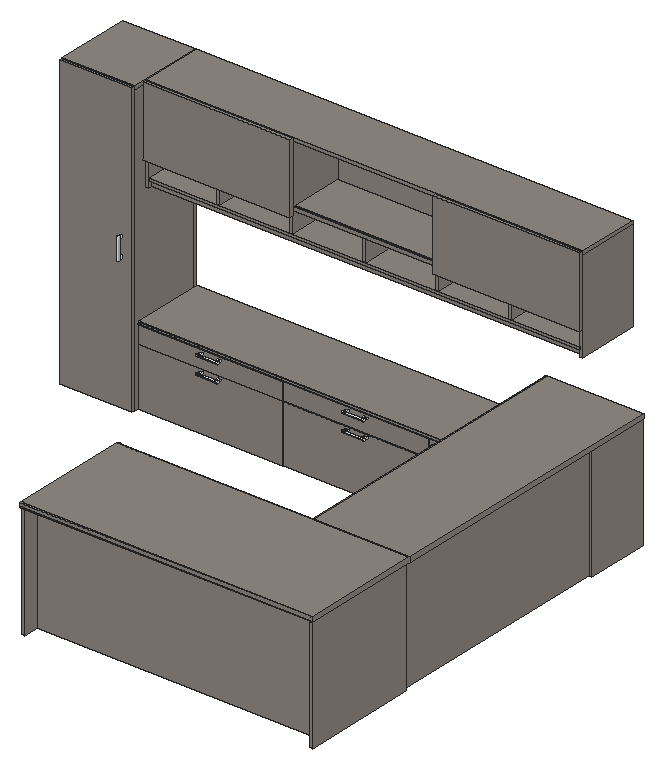
Revit family "JSI-Vision-Typical_Veneer-VSV019", category Furniture, Revit 2020 (continued)
Definition of nested family "JSI-Vision-Open_Shelf_Modular_Bench_Pedestal"
  Automatic sketch dimensions
    plane 5 to Extrusion 1 sketch curve = 0.18716"
    Extrusion 1 sketch curve to plane 6 = 0.18756"
    plane 11 to Extrusion 2 sketch curve = 0"
    plane 11 to Extrusion 3 sketch curve = 0"
    plane 18 to Extrusion 4 sketch curve = 7/8"
    plane 11 to Extrusion 4 sketch curve = 1"
    Extrusion 5 sketch curve to plane 19 = 0"
    plane 14 to Extrusion 5 sketch curve = 0.6409"
    Extrusion 2 sketch curve to plane 13 = 0"
    Extrusion 3 sketch curve to plane 13 = 0"
  Nested families (in)
    nested 1: "Label 1-16" at (9, -18, 0), type "DRWCFG"
  Definition of nested family "Label 1-16"
    Parameters
      Width = 1"
      Model Name = "FF"
    Reference planes (in)
      plane 1: y = 0
      plane 2: x = 0
    Text (in)
      label "XX" at (0.00051, -0.12324, 0), shows "Model Name"
Definition of nested family "JSI-Vision-Box_File_Modular_Bench_Pedestal"
  Parameters (values of type "Type Catalog")
    Width = 18"
    URL = "www.jsifurniture.com"
    Top = none
    Tag = "BF"
    Series = "Vision Casegoods"  # constant formula
    Pull Finish = none
    Model = "Type Catalog"
    Manufacturer = "JSI"  # constant formula
    Keynote = "12500"
    JSI Enviromental Website = "http://www.jsifurniture.com/jsi_sustainability_intro.php"
    Height = 18 3/4"
    Description = "Type Catalog"
    Depth = 18"
    Default Elevation = 0"
    Chassis = none
    Drawer Front = none
    Assembly Code = "E2020200"
  Reference planes (in)
    plane 1 "Center Front/Back": y = 0
    plane 2: z = 0
    plane 3 "Center Left/Right": x = 0
    plane 4: x = 18
    plane 5: y = -17.12
    plane 6: y = -17.25
    plane 7: x = 0.0625
    plane 8: x = 17.9375
    plane 9: y = -18
    plane 10: z = 0.14
    plane 11: z = 14.3909
    plane 12: z = 14.5159
    plane 13: x = 0.75
    plane 14: x = 17.25
    plane 15: y = -0.75
    plane 16: y = -16.37913
    plane 17: x = 9
    plane 18: z = 18.75
    plane 19: z = 18.6409
    plane 20: z = 18
  Forms (in)
    Extrusion 1, solid, material <- "Chassis"
      sketch origin (0.125, -0.1875, 48) x (0, 1, 0) y (0, 0, 1)
        loop
          line (-0.5625, -29.25) -> (-16.9325, -29.25) -> (-16.9325, -48) -> (-0.5625, -48) -> (-0.5625, -29.25)
      from -0.125 to 0.625
    Extrusion 2, solid, material <- "Chassis"
      sketch origin (29.875, -0.1875, 48) x (0, 1, 0) y (0, 0, 1)
        loop
          line (-0.5625, -29.25) -> (-16.9325, -29.25) -> (-16.9325, -48) -> (-0.5625, -48) -> (-0.5625, -29.25)
      from -12.625 to -11.875
    Extrusion 3, solid, material <- "Drawer Front"
      sketch origin (0, 0, 0) x (1, 0, 0) y (0, 0, 1)
        loop
          line (0.0625, 18.6409) -> (0.0625, 14.5159) -> (17.9375, 14.5159) -> (17.9375, 18.6409) -> (0.0625, 18.6409)
        loop
          line (0.0625, 14.3909) -> (0.0625, 0.14) -> (17.9375, 0.14) -> (17.9375, 14.3909) -> (0.0625, 14.3909)
      from 17.25 to 18
    Extrusion 4, solid, material <- "Chassis"
      sketch origin (0, 0, 0) x (1, 0, 0) y (0, 1, 0)
        loop
          line (0.75, -16.37913) -> (0.75, -17.12) -> (17.25, -17.12) -> (17.25, -16.37913) -> (0.75, -16.37913)
      from 0 to 1.9375
    Extrusion 5, solid, material <- "Top"
      sketch origin (0, 0, 0) x (0, 1, 0) y (0, 0, 1)
        loop
          line (-1.5, 18.75) -> (-17.12, 18.75) -> (-17.12, 18) -> (-1.5, 18) -> (-1.5, 18.75)
      from 0.75 to 17.25
    Extrusion 6, solid, material <- "Chassis"
      sketch origin (0, 0, 0) x (0, 1, 0) y (0, 0, 1)
        loop
          line (-1.5, 13.75) -> (-0.75, 13.75) -> (-0.75, 18.75) -> (-1.5, 18.75) -> (-1.5, 13.75)
        loop
          line (-1.5, 0) -> (-0.75, 0) -> (-0.75, 5) -> (-1.5, 5) -> (-1.5, 0)
      from 0.75 to 17.25
  Lines and regions (in)
    symbolic lines
      curve 1: line (0, 0, 0) -> (18, 0, 0)
      curve 2: line (0, -17.12, 0) -> (0, 0, 0)
      curve 3: line (18, -17.12, 0) -> (0, -17.12, 0)
      curve 4: line (18, 0, 0) -> (18, -17.12, 0)
      curve 5: line (0.0625, -17.25, 0) -> (17.9375, -17.25, 0)
      curve 6: line (0.0625, -18, 0) -> (0.0625, -17.25, 0)
      curve 7: line (17.9375, -18, 0) -> (0.0625, -18, 0)
      curve 8: line (17.9375, -17.25, 0) -> (17.9375, -18, 0)
  Dimensions and locks (in)
    plane 16 to plane 5 to plane 6 to plane 9 = 0.74087" locked, 0.13" locked, 3/4" locked
    "Depth": plane 1 "Center Front/Back" to plane 9
    locked: plane 19 to plane 18 at 0.1091
    "Width": plane 3 "Center Left/Right" to plane 4
    equal spacing: plane 3 "Center Left/Right", plane 17, plane 4
    plane 1 "Center Front/Back" to plane 15 = 3/4"
    "Height": plane 18 to level
    locked: plane 18 to plane 20 at 0.75
    locked: plane 12 to plane 11 at 0.125
    plane 19 to plane 12 to plane 10 to plane 2 = 4 1/8" locked, 14.3759" locked, 0.14" locked
    plane 3 "Center Left/Right" to plane 7 to plane 13 = 1/16" locked, 11/16" locked
    plane 14 to plane 8 to plane 4 = 11/16" locked, 1/16" locked
    locked: Extrusion 6 sketch curve to plane 2 at 5
    locked: Extrusion 6 sketch curve to plane 18 at 5
    locked: plane 15 to Extrusion 6 sketch curve at 0.75
    locked: Extrusion 3 to nested 2 at 0.75
    locked: Extrusion 3 to nested 1 at 0.75
    aligned and locked: level to plane 2
    aligned and locked: plane 15 to Extrusion 1 sketch curve
    aligned and locked: Extrusion 1 sketch curve to plane 5
    aligned and locked: Extrusion 1 sketch curve to level
    aligned and locked: plane 13 to Extrusion 1
    aligned and locked: Extrusion 2 sketch curve to plane 15
    aligned and locked: level to Extrusion 2 sketch curve
    aligned and locked: plane 5 to Extrusion 2 sketch curve
    aligned and locked: Extrusion 3 sketch curve to plane 7  (x2)
    aligned and locked: plane 8 to Extrusion 3 sketch curve  (x2)
    aligned and locked: plane 12 to Extrusion 3 sketch curve
    aligned and locked: Extrusion 3 sketch curve to plane 11
    aligned and locked: plane 10 to Extrusion 3 sketch curve
    aligned and locked: Extrusion 3 to plane 9
    aligned and locked: plane 6 to Extrusion 3
    aligned and locked: Extrusion 4 sketch curve to plane 16
    aligned and locked: plane 13 to Extrusion 4 sketch curve
    aligned and locked: nested 1 to plane 9
    aligned and locked: nested 2 to plane 9
    aligned and locked: nested 2 to plane 17
    aligned and locked: nested 1 to plane 17
    aligned and locked: plane 17 to nested 3
    aligned and locked: nested 3 to plane 9
    aligned and locked: plane 18 to Extrusion 2
    aligned and locked: plane 18 to Extrusion 1
    aligned and locked: plane 19 to Extrusion 3 sketch curve
    aligned and locked: Extrusion 1 to plane 3 "Center Left/Right"
    aligned and locked: plane 3 "Center Left/Right" to curve 2
    aligned and locked: plane 1 "Center Front/Back" to curve 1
    aligned and locked: plane 4 to Extrusion 2
    aligned and locked: curve 4 to plane 4
    aligned and locked: Extrusion 5 sketch curve to plane 18
    aligned and locked: Extrusion 2 to plane 14
    aligned and locked: Extrusion 5 to plane 5
    aligned and locked: plane 14 to Extrusion 5
    aligned and locked: Extrusion 6 sketch curve to Extrusion 6 sketch curve  (x2)
    aligned and locked: plane 15 to Extrusion 6 sketch curve
    aligned and locked: plane 18 to Extrusion 6 sketch curve
    aligned and locked: Extrusion 6 sketch curve to plane 2
    aligned and locked: Extrusion 6 to Extrusion 5 sketch curve
    aligned and locked: Extrusion 6 to plane 13
    aligned and locked: plane 14 to Extrusion 6
  Automatic sketch dimensions
    Extrusion 4 sketch curve to plane 5 = 0"
    Extrusion 4 sketch curve to plane 14 = 0"
    curve 6 to plane 6 = 0"
    curve 6 to plane 7 = 0"
    curve 5 to plane 8 = 0"
    curve 6 to plane 9 = 0"
    curve 2 to plane 5 = 0"
    Extrusion 1 sketch curve to plane 18 = 0"
    Extrusion 2 sketch curve to plane 18 = 0"
    Extrusion 5 sketch curve to Extrusion 5 sketch curve = 3/4"
    plane 9 to Extrusion 5 sketch curve = 0.88"
  Nested families (in)
    nested 1: "Bar Pull" at (9, -18, 13.6409), Pull Finish <- "Pull Finish", type "PL"
      with Pull Finish none
    nested 2: "Bar Pull" at (9, -18, 17.8909), Pull Finish <- "Pull Finish", type "PL"
      with Pull Finish none
    nested 3: "Label 1-16" at (9, -18, 0), type "DRWCFG"
  Definition of nested family "Bar Pull"
    Parameters
      Pull Finish [instance] = none
      Default Elevation = 0"
    Reference planes (in)
      plane 1 "Center Front/Back": y = 0
      plane 2: z = 0
      plane 3 "Center Left/Right": x = 0
      plane 4: x = -2.68731
      plane 5: x = -1.88731
      plane 6: x = 2.68731
      plane 7: x = 1.88731
      plane 8: y = -1
      plane 9: y = -0.85202
    Forms (in)
      Extrusion 1, solid, material <- "Pull Finish"
        sketch origin (0, 0, 0) x (0, 1, 0) y (0, 0, 1)
          loop
            line (0, -0.2015) -> (0, 0.2015) -> (-0.85202, 0.2015)
            arc (-0.85202, 0.2015) -> (-0.75, 0) -> (-0.85202, -0.2015) r 0.25
            line (-0.85202, -0.2015) -> (0, -0.2015)
        from 1.88731 to 2.68731
      Extrusion 2, solid, material <- "Pull Finish"
        sketch origin (0, 0, 0) x (0, 1, 0) y (0, 0, 1)
          loop
            circle (-1, 0) r 0.25
        from -2.68731 to 2.68731
      Extrusion 3, solid, material <- "Pull Finish"
        sketch origin (0, 0, 0) x (0, 1, 0) y (0, 0, -1)
          loop
            line (0, 0.2015) -> (-0.85202, 0.2015)
            arc (-0.85202, 0.2015) -> (-0.75, 0) -> (-0.85202, -0.2015) r 0.25
            line (-0.85202, -0.2015) -> (0, -0.2015) -> (0, 0.2015)
        from 1.88731 to 2.68731
    Dimensions and locks (in)
      plane 4 to plane 5 to plane 3 "Center Left/Right" to plane 7 to plane 6 = 0.8" locked, 1.88731" locked, 1.88731" locked, 0.8" locked
      plane 8 to plane 9 to plane 1 "Center Front/Back" = 0.14798" locked, 0.85202" locked
      aligned and locked: level to plane 2
      aligned and locked: plane 4 to Extrusion 3
      aligned and locked: Extrusion 3 to plane 5
      aligned and locked: plane 4 to Extrusion 2
      aligned and locked: Extrusion 1 to plane 7
      aligned and locked: plane 6 to Extrusion 1
      aligned and locked: plane 6 to Extrusion 2
      aligned and locked: plane 8 to Extrusion 2 sketch curve
      aligned and locked: Extrusion 3 to plane 1 "Center Front/Back"
      aligned and locked: Extrusion 1 to plane 1 "Center Front/Back"
      aligned and locked: plane 5 to Extrusion 3
      aligned and locked: Extrusion 3 to plane 4
      aligned and locked: Extrusion 2 to plane 4
      aligned and locked: plane 7 to Extrusion 1
      aligned and locked: Extrusion 1 to plane 6
      aligned and locked: Extrusion 2 to plane 6
  Definition of nested family "Label 1-16"
    Parameters
      Width = 1"
      Model Name = "FF"
    Reference planes (in)
      plane 1: y = 0
      plane 2: x = 0
    Text (in)
      label "XX" at (0.00051, -0.12324, 0), shows "Model Name"
Definition of nested family "JSI-Vision-Bench_Height-Shell_Return"
  Parameters (values of type "Type Catalog")
    Worksurface = none
    Width = 66"
    URL = "www.jsifurniture.com"
    Type Comments = ""
    Series = "Vision Casegoods"  # constant formula
    Ped Height = Height - 1 3/16"  # 28"
    Modesty Position = if(ELY, (1 1/16"), Width - 13 3/8")  # 1 1/16"
    Model = "Type Catalog"
    Material = ""
    Manufacturer = "JSI"  # constant formula
    Modesty Width = (Width + 1 1/16") - 13 3/8"  # 53 11/16"
    Lat Panel Pstn = if(ELY, Width - 7/8", Width - Width + 1/8")  # 65 1/8"
    Keynote = "12500"  # constant formula
    JSI Enviromental Website = "http://www.jsifurniture.com/jsi_sustainability_intro.php"
    Insertion Point = if(ELY, 0", Width)  # 0"
    Height = 29 3/16"
    Grommet Position = 13 9/16"
    Grommet Finish = none
    ELY = yes
    Description = "Type Catalog"
    Depth = 24"
    Default Elevation = 0"
    Chassis = none
    Bk Panel Pstn = if(ELY, Width - 15 3/4", Width - Width + 1/8")  # 50 1/4"
    Assembly Code = "E2020200"
  Reference planes (in)
    plane 1 "Center Front/Back": y = 0
    plane 2: z = 0
    plane 3 "Center Left/Right": x = 0
    plane 4: x = 0
    plane 5: y = -24
    plane 6: x = -66
    plane 7: z = 29.1875
    plane 8: z = 28
    plane 9: y = -0.87499
    plane 10: y = -1.625
    plane 11: y = -2.93087
    plane 12: x = -25.78125
    plane 13: x = -65.875
    plane 14: x = -65.125
    plane 15: x = -50.25
    plane 16: y = -0.125
    plane 17: x = -52.625
    plane 18: x = 1.0625
    plane 19: x = -65.87492
    plane 20: y = -3.875
  Forms (in)
    Extrusion 1, solid, material <- "Worksurface"
      sketch origin (0, 0, 0) x (1, 0, 0) y (0, 1, 0)
        loop
          line (-66, 0) -> (-66, -23.87) -> (0, -23.87) -> (0, 0) -> (-66, 0)
      from 28 to 29.1875
    Extrusion 2, solid, material <- "Chassis"
      sketch origin (-54.93742, 0, 0) x (1, 0, 0) y (0, 0, 1)
        loop
          line (2.31242, 28) -> (2.31242, 0) -> (55.99992, 0) -> (55.99992, 28) -> (28.47723, 28) -> (2.31242, 28)
      from 0.87499 to 1.625
    Extrusion 3, solid, material <- "Chassis"
      sketch origin (-117.25008, -2.005, 28.8125) x (0, 0, -1) y (0, -1, 0)
        loop
          line (0.8125, -1.13002) -> (28.8125, -1.13002) -> (28.8125, 21.8075) -> (0.8125, 21.8075) -> (0.8125, -0.69975) -> (0.8125, -1.13002)
      from -52.12508 to -51.37508
    Extrusion 4, solid, material <- "Chassis"
      sketch origin (0, 0, 0) x (1, 0, 0) y (0, 1, 0)
        loop
          line (-65.87492, -0.125) -> (-65.87492, -0.87499) -> (-50.25, -0.87499) -> (-50.25, -0.125) -> (-65.87492, -0.125)
      from 0 to 28
    Extrusion 5, solid, material <- "Worksurface"
      sketch origin (0, 0, 0) x (0, 1, 0) y (0, 0, 1)
        loop
          arc (-23.87, 29.1875) -> (-23.96192, 29.14942) -> (-24, 29.0575) r 0.13
          line (-24, 29.0575) -> (-24, 28.13)
          arc (-24, 28.13) -> (-23.96192, 28.03807) -> (-23.87, 28) r 0.13
          line (-23.87, 28) -> (-23.87, 29.1875)
      from -66 to 0
  Lines and regions (in)
    symbolic lines
      curve 1: line (-52.625, -1.625, 0) -> (1.0625, -1.625, 0)
      curve 2: line (-52.625, -0.87499, 0) -> (-52.625, -1.625, 0)
      curve 3: line (1.0625, -0.87499, 0) -> (-52.625, -0.87499, 0)
      curve 4: line (1.0625, -1.625, 0) -> (1.0625, -0.87499, 0)
      curve 5: line (-65.87492, -0.125, 0) -> (-50.25, -0.125, 0)
      curve 6: line (-65.87492, -0.87499, 0) -> (-65.87492, -0.125, 0)
      curve 7: line (-50.25, -0.125, 0) -> (-50.25, -0.87499, 0)
      curve 8: line (-65.875, -23.8125, 0) -> (-65.875, -0.87499, 0)
      curve 9: line (-65.125, -23.8125, 0) -> (-65.875, -23.8125, 0)
      curve 10: line (-65.125, -0.87499, 0) -> (-65.125, -23.8125, 0)
      curve 11: line (-66, -24, 0) -> (0, -24, 0)
      curve 12: line (-66, 0, 0) -> (-66, -24, 0)
      curve 13: line (0, 0, 0) -> (-66, 0, 0)
      curve 14: line (0, -24, 0) -> (0, 0, 0)
      curve 15: line (-50.25, -0.87499, 0) -> (-65.87492, -0.87499, 0)
  Dimensions and locks (in)
    "Insertion Point": plane 4 to plane 3 "Center Left/Right"
    "Depth": plane 5 to plane 1 "Center Front/Back"
    "Width": plane 6 to plane 4
    locked: plane 7 to plane 8 at 1.1875
    "Height": plane 7 to level
    locked: plane 13 to plane 14 at 0.75
    "Modesty Position": plane 3 "Center Left/Right" to plane 18
    "Modesty Width": plane 17 to plane 18
    locked: Extrusion 3 sketch curve to plane 5 at 0.1875
    "Lat Panel Pstn": plane 14 to plane 4
    locked: plane 19 to plane 15 at 15.62492
    "Bk Panel Pstn": plane 15 to plane 4
    locked: plane 1 "Center Front/Back" to plane 20 at 3.875
    equal spacing: plane 17, plane 12, plane 18
    aligned and locked: level to plane 2
    aligned and locked: Extrusion 1 sketch curve to plane 1 "Center Front/Back"
    aligned and locked: plane 6 to Extrusion 1 sketch curve
    aligned and locked: Extrusion 1 sketch curve to plane 4
    aligned and locked: plane 8 to Extrusion 2 sketch curve  (x2)
    aligned and locked: Extrusion 2 sketch curve to level
    aligned and locked: plane 13 to Extrusion 3
    aligned and locked: plane 8 to Extrusion 3  (x2)
    aligned and locked: plane 14 to Extrusion 3
    aligned and locked: plane 9 to Extrusion 3 sketch curve
    aligned and locked: plane 17 to Extrusion 2
    aligned and locked: plane 9 to Extrusion 2
    aligned and locked: Extrusion 2 to plane 10
    aligned and locked: Extrusion 2 to plane 18
    aligned and locked: plane 9 to Extrusion 4 sketch curve
    aligned and locked: Extrusion 4 sketch curve to plane 19
    aligned and locked: Extrusion 4 sketch curve to plane 16
    aligned and locked: plane 15 to Extrusion 4 sketch curve
    aligned and locked: plane 8 to Extrusion 4
    aligned and locked: Extrusion 2 to curve 3
    aligned and locked: curve 2 to Extrusion 2
    aligned and locked: curve 1 to Extrusion 2
    aligned and locked: curve 4 to Extrusion 2
    aligned and locked: curve 5 to Extrusion 4
    aligned and locked: curve 6 to Extrusion 4
    aligned and locked: curve 7 to Extrusion 4
    aligned and locked: curve 9 to Extrusion 3
    aligned and locked: curve 10 to Extrusion 3
    aligned and locked: curve 8 to Extrusion 3
    aligned and locked: plane 4 to Extrusion 5
    aligned and locked: Extrusion 5 to plane 6
    aligned and locked: curve 12 to plane 6
    aligned and locked: plane 4 to curve 14
    aligned and locked: curve 13 to plane 1 "Center Front/Back"
    aligned and locked: curve 11 to plane 5
    aligned and locked: Extrusion 1 to plane 8
    aligned and locked: plane 7 to Extrusion 1
  Automatic sketch dimensions
    Extrusion 3 sketch curve to level = 0"
    Extrusion 3 sketch curve to plane 8 = 0"
    Extrusion 2 sketch curve to plane 15 = 51 5/16"
    plane 17 to Extrusion 2 sketch curve = 0"
    plane 5 to Extrusion 1 sketch curve = 0.13"
    Extrusion 5 sketch curve to plane 5 = 0"
    Extrusion 5 sketch curve to plane 8 = 0"
    Extrusion 5 sketch curve to plane 7 = 0"
    plane 5 to Extrusion 5 sketch curve = 0.13"
    curve 8 to plane 9 = 0"
    curve 6 to plane 9 = 0"
    plane 10 to Extrusion 3 sketch curve = 0.31975"
    Extrusion 2 sketch curve to plane 12 = 0.67894"
Definition of nested family "JSI-Vision-Wall_Mount_Overhead_Cabinets-Sliding_Door_with_Cubbies"
  Parameters (values of type "Type Catalog")
    Verticall Partition Distance = if(Width > 48", ((Door Width * 2) + 3/16"), ((Width / 2) - 3/16"))  # 26 13/16"
    Unit Centre = Width / 2  # 27"
    Top = none
    Width = 54"
    URL = "www.jsifurniture.com"
    Type Comments = ""
    Tag = "1 Door - 1 Open"
    Sliding Door Width = if(Width > 48", (Verticall Partition Distance + 3/8"), ((Width / 2) + 3/16"))  # 27 3/16"
    Series = "VISION CASEGOODS"  # constant formula
    Right Vertical Partition = yes
    Right Sliding Door = no
    Overhead Height = 7 1/2"
    Overall Height [instance] = 72"
    Model = "Type Catalog"
    Material = ""
    Manufacturer = "JSI"  # constant formula
    Left Vertical Partition = no
    Keynote = "12500"
    JSI Enviromental Website = "http://www.jsifurniture.com/jsi_sustainability_intro.php"
    Height = 24"
    Door Width Actual = if(# of Doors > 4, (((Width - 1")) / # of Doors), if(# of Doors > 3, (((Width - 1") / # of Doors) + 1/16"), if(# of Doors > 2, (((Width - 1 1/8" + 1/8") / # of Doors) + 1/8"), (((Width - 1 1/8" + 1/8") / # of Doors) + 1/4"))))  # 13 5/16"
    Door Array Spacing = Door Width + 1/8"  # 13 7/16"
    Door Width = Door Width Actual  # 13 5/16"
    Door Front = none
    Door Align Spacing = 1/16"
    Description = "Type Catalog"
    Depth = 16"
    Default Elevation = 0"
    Chassis = none
    Bottom Partition Array Start Distance = if(# of Doors > 4, (((Width - 1") / # of Doors) + 1/16"), if(# of Doors > 3, (((Width - 1") / # of Doors) + 1/8"), Verticall Partition Distance))  # 13 3/8"
    Bottom Partition Array Space = Bottom Partition Array Start Distance - 3/8"  # 13"
    Bottom Partition Array Distance = if(# of Doors > 2, (Verticall Partition Distance - Bottom Partition Array Start Distance), 0")  # 13 7/16"
    Assembly Code = "E2020200"
    # of bottom Partition = if(# of Doors > 2, (# of Doors - 1), # of Doors)  # 3
    # of Doors = if(Width > 89", 6, (if(Width > 53", 4, (if(Width > 41", 3, (if(Width > 30", 2, 2)))))))  # 4
  Reference planes (in)
    plane 1 "Center Front/Back": y = 0
    plane 2: z = 0
    plane 3 "Center Left/Right": x = 0
    plane 4: z = 0
    plane 5: y = -0.125
    plane 6: x = 54
    plane 7: x = 0.125
    plane 8: x = 53.875
    plane 9: y = -15.5625
    plane 10: y = -16
    plane 11: z = 72
    plane 12: z = 71.5
    plane 13: x = 0.875
    plane 14: x = 53.125
    plane 15: y = -0.875
    plane 16: y = -0.9375
    plane 17: y = -1.6875
    plane 18: z = 71.25
    plane 19: z = 56
    plane 20: z = 56.75
    plane 21: z = 48.5
    plane 22: y = -14.8125
    plane 23: y = -14.0625
    plane 24: x = 0.1875
    plane 25: x = 53.8125
    plane 26: z = 71.9375
    plane 27: z = 54.6875
    plane 28: y = -15.6875
    plane 29: y = -16.4375
    plane 30: x = 27
    plane 31: x = 27
    plane 32: x = 27
    plane 33: x = 26.625
    plane 34: x = 27.375
    plane 35: x = 26.625
    plane 36: x = 27.375
    plane 37: z = 50
    plane 38: z = 50.75
    plane 39: x = 26.625
    plane 40: x = 27.375
    plane 41: x = 0.5
    plane 42: x = 53.5
    plane 43: x = 13.5625
    plane 44: x = 13.1875
    plane 45: x = 13.9375
    plane 46: z = 48.5
    plane 47: z = 72.5
    plane 48: z = 66.0625
    plane 49: z = 68.25
    plane 50: z = 69.0625
    plane 51: x = 1.5
    plane 52: x = 52.5
  Forms (in)
    Extrusion 1, solid, material <- "Chassis"
      sketch origin (0, 0, 0) x (1, 0, 0) y (0, 1, 0)
        loop
          line (0.125, -0.125) -> (0.125, -15.5625) -> (0.875, -15.5625) -> (0.875, -0.125) -> (0.125, -0.125)
      from 48.5 to 71.25
    Extrusion 2, solid, material <- "Chassis"
      sketch origin (0, 0, 0) x (1, 0, 0) y (0, 1, 0)
        loop
          line (53.875, -0.125) -> (53.125, -0.125) -> (53.125, -15.5625) -> (53.875, -15.5625) -> (53.875, -0.125)
      from 48.5 to 71.25
    Extrusion 3, solid, material <- "Top"
      sketch origin (0, 0, 0) x (1, 0, 0) y (0, 0, 1)
        loop
          line (0.125, 72) -> (0.125, 71.25) -> (53.875, 71.25) -> (53.875, 72) -> (0.125, 72)
      from 0.125 to 15.5625
    Extrusion 4, solid, material <- "Chassis"
      sketch origin (0, 0, 0) x (1, 0, 0) y (0, 1, 0)
        loop
          line (0.875, -14.0625) -> (0.875, -14.8125) -> (53.125, -14.8125) -> (53.125, -14.0625) -> (0.875, -14.0625)
      from 48.5 to 50
    Extrusion 5, solid, material <- "Chassis", visible <- "Left Vertical Partition"
      sketch origin (0, 0, 0) x (1, 0, 0) y (0, 1, 0)
        loop
          line (26.625, -1.6875) -> (26.625, -15.5625) -> (27.375, -15.5625) -> (27.375, -1.6875) -> (26.625, -1.6875)
      from 56.75 to 71.25
    Extrusion 6, solid, material <- "Chassis", visible <- "Right Vertical Partition"
      sketch origin (0, 0, 0) x (1, 0, 0) y (0, 1, 0)
        loop
          line (26.625, -1.6875) -> (26.625, -15.5625) -> (27.375, -15.5625) -> (27.375, -1.6875) -> (26.625, -1.6875)
      from 56.75 to 71.25
    Extrusion 7, solid, material <- "Chassis"
      sketch origin (130.61992, -0.9375, 48) x (1, 0, 0) y (0, 0, 1)
        loop
          line (-129.74492, 23.25) -> (-129.74492, 0.5) -> (-77.49492, 0.5) -> (-77.49492, 23.25) -> (-129.74492, 23.25)
      from 0 to 0.75
    Extrusion 8, solid, material <- "Chassis"
      sketch origin (130.61992, -0.9375, 48) x (1, 0, 0) y (0, 0, 1)
        loop
          line (-129.74492, 2) -> (-77.49492, 2) -> (-77.49492, 2.75) -> (-129.74492, 2.75) -> (-129.74492, 2)
      from 0.75 to 14.625
    Extrusion 9, solid, material <- "Chassis"
      sketch origin (-4.52083, 0, 29.5) x (1, 0, 0) y (0, 1, 0)
        loop
          line (17.70833, -1.6875) -> (17.70833, -15.5625) -> (18.45833, -15.5625) -> (18.45833, -1.6875) -> (17.70833, -1.6875)
      from 21.25 to 26.5
    Extrusion 10, solid, material <- "Chassis"
      sketch origin (8.91667, 0, 29.5) x (1, 0, 0) y (0, 1, 0)
        loop
          line (17.70833, -1.6875) -> (17.70833, -15.5625) -> (18.45833, -15.5625) -> (18.45833, -1.6875) -> (17.70833, -1.6875)
      from 21.25 to 26.5
    Extrusion 11, solid, material <- "Door Front"
      sketch origin (0, 0, 0) x (1, 0, 0) y (0, 1, 0)
        loop
          line (0.1875, -15.6875) -> (0.1875, -16.4375) -> (27.375, -16.4375) -> (27.375, -15.6875) -> (0.1875, -15.6875)
      from 54.6875 to 71.9375
    Extrusion 12, solid, material <- "Door Front", visible <- "Right Sliding Door"
      sketch origin (0, 0, 0) x (1, 0, 0) y (0, 1, 0)
        loop
          line (53.8125, -15.6875) -> (26.625, -15.6875) -> (26.625, -16.4375) -> (53.8125, -16.4375) -> (53.8125, -15.6875)
      from 54.6875 to 71.9375
    Extrusion 13, solid, material <- "Chassis"
      sketch origin (0.875, 60, 48) x (0, 1, 0) y (0, 0, 1)
        loop
          line (-61.6875, 8.75) -> (-74.90625, 8.75) -> (-74.90625, 8.375) -> (-75.15625, 8.375) -> (-75.15625, 8.75) -> (-75.5625, 8.75) -> (-75.5625, 8) -> (-61.6875, 8) -> (-61.6875, 8.75)
      from 0 to 52.25
    Extrusion 14, solid, material <- "Chassis"
      sketch origin (1.5, 60, 48) x (0, 1, 0) y (0, 0, 1)
        loop
          line (-60.125, 23.25) -> (-60.9375, 23.25) -> (-60.9375, 21.0625) -> (-60.125, 20.25) -> (-60.125, 23.25)
      from -0.625 to 51.625
    Extrusion 15, solid, material <- "Chassis"
      sketch origin (1.5, 60, 48) x (0, 1, 0) y (0, 0, 1)
        loop
          line (-60.9375, 21.0625) -> (-60.9375, 18.0625) -> (-60.125, 18.0625) -> (-60.125, 20.25) -> (-60.9375, 21.0625)
      from 0 to 51
    Extrusion 16, solid, material <- "Chassis"
      sketch origin (22.35417, 0, 29.5) x (1, 0, 0) y (0, 1, 0)
        loop
          line (17.70833, -1.6875) -> (17.70833, -15.5625) -> (18.45833, -15.5625) -> (18.45833, -1.6875) -> (17.70833, -1.6875)
      from 21.25 to 26.5
  Lines and regions (in)
    symbolic lines
      curve 1: line (53.875, -0.125, 0) -> (0.125, -0.125, 0)
      curve 2: line (0.125, -0.125, 0) -> (0.125, -15.5625, 0)
      curve 3: line (0.125, -15.5625, 0) -> (53.875, -15.5625, 0)
      curve 4: line (53.875, -15.5625, 0) -> (53.875, -0.125, 0)
      curve 5: line (27.375, -15.6875, 0) -> (0.1875, -15.6875, 0)
      curve 6: line (0.1875, -15.6875, 0) -> (0.1875, -16.4375, 0)
      curve 7: line (0.1875, -16.4375, 0) -> (27.375, -16.4375, 0)
      curve 8: line (27.375, -16.4375, 0) -> (27.375, -15.6875, 0)
    symbolic lines, visible <- "Right Sliding Door"
      curve 9: line (26.625, -15.6875, 48.5) -> (53.8125, -15.6875, 48.5)
      curve 10: line (26.625, -16.4375, 48.5) -> (26.625, -15.6875, 48.5)
      curve 11: line (53.8125, -16.4375, 48.5) -> (26.625, -16.4375, 48.5)
      curve 12: line (53.8125, -15.6875, 48.5) -> (53.8125, -16.4375, 48.5)
  Dimensions and locks (in)
    locked: plane 3 "Center Left/Right" to plane 7 at 0.125
    locked: plane 8 to plane 6 at 0.125
    locked: plane 5 to plane 1 "Center Front/Back" at 0.125
    plane 10 to plane 9 to plane 22 to plane 23 = 7/16" locked, 3/4" locked, 3/4" locked
    "Width": plane 3 "Center Left/Right" to plane 6
    "Depth": plane 10 to plane 1 "Center Front/Back"
    plane 47 to plane 11 to plane 12 = 1/2" locked, 1/2" locked
    locked: plane 7 to plane 13 at 0.75
    locked: plane 14 to plane 8 at 0.75
    locked: plane 15 to plane 5 at 0.75
    plane 17 to plane 16 to plane 5 = 3/4" locked, 13/16" locked
    locked: plane 11 to plane 18 at 0.75
    locked: plane 20 to plane 19 at 0.75
    locked: plane 11 to plane 26 at 0.0625
    locked: plane 19 to plane 27 at 1.3125
    plane 29 to plane 28 to plane 9 = 3/4" locked, 1/8" locked
    "Verticall Partition Distance": plane 24 to plane 31
    plane 33 to plane 31 to plane 34 = 3/8" locked, 3/8" locked
    plane 35 to plane 32 to plane 36 = 3/8" locked, 3/8" locked
    "Verticall Partition Distance": plane 32 to plane 25
    "Unit Centre": plane 3 "Center Left/Right" to plane 30
    "Door Align Spacing": plane 7 to plane 24
    "Door Align Spacing": plane 25 to plane 8
    locked: plane 19 to plane 37 at 6
    plane 38 to plane 37 to plane 21 = 3/4" locked, 1 1/2" locked
    locked: plane 41 to plane 13 at 0.375
    locked: plane 14 to plane 42 at 0.375
    "Bottom Partition Array Start Distance": plane 24 to plane 43
    plane 44 to plane 43 to plane 45 = 3/8" locked, 3/8" locked
    equal spacing: group 1, group 2, group 3  (x3)
    "Bottom Partition Array Distance": Extrusion 9 to Extrusion 10
    "Bottom Partition Array Space": plane 24 to Extrusion 9
    plane 39 to plane 30 to plane 40 = 3/8" locked, 3/8" locked
    "Sliding Door Width": Extrusion 11 sketch curve to Extrusion 11 sketch curve
    "Sliding Door Width": Extrusion 12 sketch curve to Extrusion 12 sketch curve
    "Overhead Height": plane 19 to plane 46
    Extrusion 13 sketch curve to Extrusion 13 sketch curve to Extrusion 13 sketch curve = 1/4" locked, 13/32" locked
    locked: Extrusion 13 sketch curve to Extrusion 13 sketch curve at 0.375
    "Height": plane 47 to plane 46
    plane 18 to plane 50 to plane 49 to plane 48 = 2 3/16" locked, 13/16" locked, 2 3/16" locked
    locked: plane 13 to plane 51 at 0.625
    locked: plane 52 to plane 14 at 0.625
    "Overall Height": plane 11 to level
    aligned and locked: level to plane 2
    aligned and locked: plane 5 to Extrusion 1 sketch curve
    aligned and locked: plane 7 to Extrusion 1 sketch curve
    aligned and locked: Extrusion 1 sketch curve to plane 13
    aligned and locked: Extrusion 2 sketch curve to plane 5
    aligned and locked: plane 8 to Extrusion 2 sketch curve
    aligned and locked: Extrusion 2 sketch curve to plane 14
    aligned and locked: Extrusion 3 sketch curve to plane 11
    aligned and locked: plane 7 to Extrusion 3 sketch curve
    aligned and locked: Extrusion 3 to plane 5
    aligned and locked: plane 9 to Extrusion 1
    aligned and locked: plane 9 to Extrusion 2
    aligned and locked: plane 9 to Extrusion 3
    aligned and locked: plane 23 to Extrusion 4 sketch curve
    aligned and locked: plane 13 to Extrusion 4 sketch curve
    aligned and locked: Extrusion 4 sketch curve to plane 22
    aligned and locked: Extrusion 4 sketch curve to plane 14
    aligned and locked: Extrusion 4 to plane 21
    aligned and locked: plane 17 to Extrusion 5 sketch curve
    aligned and locked: plane 33 to Extrusion 5 sketch curve
    aligned and locked: Extrusion 5 sketch curve to plane 9
    aligned and locked: Extrusion 5 sketch curve to plane 34
    aligned and locked: plane 17 to Extrusion 6 sketch curve
    aligned and locked: plane 35 to Extrusion 6 sketch curve
    aligned and locked: Extrusion 6 sketch curve to plane 9
    aligned and locked: Extrusion 6 sketch curve to plane 36
    aligned and locked: plane 18 to Extrusion 5
    aligned and locked: Extrusion 5 to plane 20
    aligned and locked: plane 18 to Extrusion 6
    aligned and locked: Extrusion 6 to plane 20
    aligned and locked: Extrusion 1 to Extrusion 7 sketch curve  (x2)
    aligned and locked: Extrusion 2 to Extrusion 7 sketch curve
    aligned and locked: Extrusion 7 to plane 16
    aligned and locked: plane 17 to Extrusion 7
    aligned and locked: Extrusion 8 sketch curve to plane 37
    aligned and locked: Extrusion 8 sketch curve to plane 38
    aligned and locked: Extrusion 8 sketch curve to plane 13
    aligned and locked: Extrusion 8 sketch curve to plane 14
    aligned and locked: Extrusion 8 to plane 17
    aligned and locked: plane 9 to Extrusion 8
    aligned and locked: plane 37 to Extrusion 4
    aligned and locked: Extrusion 9 to plane 38
    aligned and locked: plane 19 to Extrusion 9
    aligned and locked: plane 28 to Extrusion 11 sketch curve
    aligned and locked: plane 24 to Extrusion 11 sketch curve
    aligned and locked: Extrusion 11 sketch curve to plane 29
    aligned and locked: plane 26 to Extrusion 11
    aligned and locked: Extrusion 11 to plane 27
    aligned and locked: Extrusion 12 sketch curve to plane 28
    aligned and locked: plane 25 to Extrusion 12 sketch curve
    aligned and locked: plane 29 to Extrusion 12 sketch curve
    aligned and locked: plane 26 to Extrusion 12
    aligned and locked: Extrusion 12 to plane 27
    aligned and locked: plane 30 to nested 1
    aligned and locked: plane 29 to nested 1
    aligned and locked: plane 18 to Extrusion 1
    aligned and locked: plane 18 to Extrusion 2
    aligned and locked: curve 1 to Extrusion 3
    aligned and locked: curve 2 to Extrusion 3
    aligned and locked: curve 3 to Extrusion 3
    aligned and locked: curve 4 to Extrusion 3
    aligned and locked: Extrusion 9 to plane 19
    aligned and locked: plane 38 to Extrusion 9
    aligned and locked: plane 19 to Extrusion 10
    aligned and locked: Extrusion 10 to plane 38
    aligned and locked: plane 46 to Extrusion 7 sketch curve
    aligned and locked: Extrusion 1 to plane 46
    aligned and locked: Extrusion 2 to plane 46
    aligned and locked: Extrusion 13 sketch curve to plane 20  (x2)
    aligned and locked: plane 19 to Extrusion 13 sketch curve
    aligned and locked: plane 17 to Extrusion 13 sketch curve
    aligned and locked: Extrusion 13 sketch curve to plane 9
    aligned and locked: Extrusion 13 to plane 13
    aligned and locked: plane 14 to Extrusion 13
    aligned and locked: plane 5 to Extrusion 14 sketch curve
    aligned and locked: Extrusion 14 sketch curve to plane 16
    aligned and locked: Extrusion 14 sketch curve to plane 18
    aligned and locked: plane 50 to Extrusion 14 sketch curve
    aligned and locked: plane 49 to Extrusion 14 sketch curve
    aligned and locked: Extrusion 14 to plane 13
    aligned and locked: plane 14 to Extrusion 14
    aligned and locked: Extrusion 15 sketch curve to Extrusion 14
    aligned and locked: Extrusion 15 sketch curve to plane 5
    aligned and locked: plane 16 to Extrusion 15 sketch curve
    aligned and locked: Extrusion 15 sketch curve to plane 48
    aligned and locked: plane 50 to Extrusion 15 sketch curve
    aligned and locked: plane 49 to Extrusion 15 sketch curve
    aligned and locked: Extrusion 15 to plane 51
    aligned and locked: plane 52 to Extrusion 15
    aligned and locked: curve 5 to Extrusion 11
    aligned and locked: curve 6 to Extrusion 11
    aligned and locked: curve 7 to Extrusion 11
    aligned and locked: curve 8 to Extrusion 11
    aligned and locked: curve 9 to Extrusion 12
    aligned and locked: curve 10 to Extrusion 12
    aligned and locked: curve 11 to Extrusion 12
    aligned and locked: curve 12 to Extrusion 12
  Automatic sketch dimensions
    Extrusion 1 sketch curve to plane 10 = 7/16"
    Extrusion 3 sketch curve to plane 8 = 0"
    Extrusion 3 sketch curve to plane 18 = 0"
    plane 9 to Extrusion 2 sketch curve = 0"
    Extrusion 9 sketch curve to Extrusion 9 sketch curve = 3/4"
    Extrusion 9 sketch curve to Extrusion 9 sketch curve = 13 7/8"
    Extrusion 10 sketch curve to Extrusion 10 sketch curve = 3/4"
    Extrusion 10 sketch curve to Extrusion 10 sketch curve = 13 7/8"
    Extrusion 16 sketch curve to Extrusion 16 sketch curve = 3/4"
    Extrusion 16 sketch curve to Extrusion 16 sketch curve = 13 7/8"
  Nested families (in)
    nested 1: "Label 1-16 OH" at (27, -16.4375, 0), type "OH DOORS"
  Definition of nested family "Label 1-16 OH"
    Parameters
      Width = 1"
      Model Name = "1 Door - 1 Open"
    Reference planes (in)
      plane 1: y = 0
      plane 2: x = 0
    Text (in)
      label "XX" at (0.00051, -0.12324, 0), shows "Model Name"
Definition of nested family "JSI-Vision-Modular_Back_Panel_for_Bench_Height-Horizontal_Grain"
  Parameters (values of type "VSTB1978MBK, Modular Back Panel for Bench Height - Horizontal Grain  18 3/4"H, 78"W")
    Width = 78"
    URL = "www.jsifurniture.com"
    Type Comments = ""
    Series = "Vision Casegoods"  # constant formula
    Back Finish = none
    Model = "VSTB1978MBK"
    Manufacturer = "JSI"  # constant formula
    Keynote = "12500"  # constant formula
    JSI Enviromental Website = "http://www.jsifurniture.com/jsi_sustainability_intro.php"
    Height = 18 3/4"
    Description = "Modular Back Panel Laminate for Bench Height - Vertical Grain 3/4\"D x 18 3/4\"H x 78\"W"
    Depth = 3/4"
    Default Elevation = 0"
    Assembly Code = "E2020200"
  Types (4): name | Width | Model | Description
    VSTB1978MBK, Modular Back Panel for Bench Height - Horizontal Grain  18 3/4"H, 78"W | 78" | "VSTB1978MBK" | "Modular Back Panel Laminate for Bench Height - Vertical Grain 3/4\"D x 18 3/4\"H x 78\"W"
    VSVB1978MBK, Modular Back Panel for Bench Height - Horizontal Grain  18 3/4"H, 78"W | 78" | "VSVB1978MBK" | "Modular Back Panel Veneer for Bench Height - Vertical Grain 3/4\"D x 18 3/4\"H x 78\"W"
    VSTB19102MBK, Modular Back Panel for Bench Height - Horizontal Grain  18 3/4"H, 102"W | 102" | "VSTB19102MBK" | "Modular Back Panel Laminate for Bench Height - Vertical Grain 3/4\"D x 18 3/4\"H x 102\"W"
    VSVB19102MBK, Modular Back Panel for Bench Height - Horizontal Grain  18 3/4"H, 102"W | 102" | "VSVB19102MBK" | "Modular Back Panel Veneer for Bench Height - Vertical Grain 3/4\"D x 18 3/4\"H x 102\"W"
  Reference planes (in)
    plane 1 "Center Front/Back": y = 0
    plane 2: z = 0
    plane 3 "Center Left/Right": x = 0
    plane 4: z = 0
    plane 5: x = 78
    plane 6: z = 18.75
    plane 7: y = -0.75
  Forms (in)
    Extrusion 1, solid, material <- "Back Finish"
      sketch origin (0, 1.5625, 0) x (1, 0, 0) y (0, 1, 0)
        loop
          line (0, -1.5625) -> (0, -2.3125) -> (78, -2.3125) -> (78, -1.5625) -> (0, -1.5625)
      from 0 to 18.75
  Lines and regions (in)
    symbolic lines
      curve 1: line (0, 0, 0) -> (78, 0, 0)
      curve 2: line (0, -0.75, 0) -> (0, 0, 0)
      curve 3: line (78, -0.75, 0) -> (0, -0.75, 0)
      curve 4: line (78, 0, 0) -> (78, -0.75, 0)
  Dimensions and locks (in)
    "Height": plane 6 to plane 4
    "Depth": plane 1 "Center Front/Back" to plane 7
    "Width": plane 3 "Center Left/Right" to plane 5
    aligned and locked: level to plane 2
    aligned and locked: plane 6 to Extrusion 1
    aligned and locked: Extrusion 1 to plane 7
    aligned and locked: Extrusion 1 to plane 3 "Center Left/Right"
    aligned and locked: Extrusion 1 to plane 4
    aligned and locked: plane 5 to Extrusion 1
    aligned and locked: curve 1 to Extrusion 1
    aligned and locked: curve 2 to Extrusion 1
    aligned and locked: curve 3 to Extrusion 1
    aligned and locked: curve 4 to Extrusion 1
    aligned and locked: Extrusion 1 to plane 1 "Center Front/Back"
  Automatic sketch dimensions
    Extrusion 1 sketch curve to plane 3 "Center Left/Right" = 0"
    Extrusion 1 sketch curve to plane 5 = 0"
    Extrusion 1 sketch curve to plane 7 = 0"
    Extrusion 1 sketch curve to Extrusion 1 sketch curve = 3/4"
